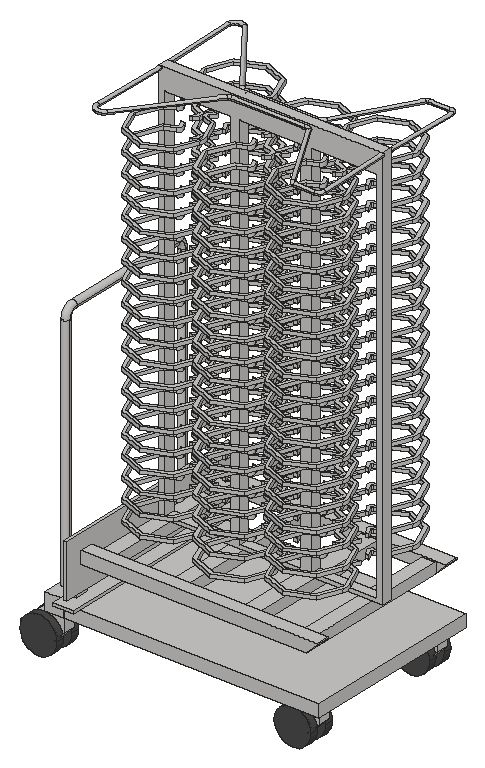
Revit family "QF_ELECTROLUXPROFESSIONAL_922764_TRBA116PL2021C", category Attrezzature speciali, Revit 2020 (continued)
Definition of nested family "Ruota_Oven"
  Automatic sketch dimensions
    Extrusion 2 sketch curve to plane 3 "Centro (Sinistra/Destra)" = 25.518 mm
    Extrusion 2 sketch curve to Extrusion 2 sketch curve = 64.198 mm
    Extrusion 2 sketch curve to Extrusion 2 sketch curve = 17.5 mm
    Extrusion 2 sketch curve to Extrusion 2 sketch curve = 31.384 mm
    Extrusion 2 sketch curve to Extrusion 2 sketch curve = 38.238 mm
    Extrusion 3 sketch curve to plane 3 "Centro (Sinistra/Destra)" = 42.505 mm
    Extrusion 5 sketch curve to plane 5 = 0 mm
    plane 1 "Centro (Fronte/Retro)" to Extrusion 5 sketch curve = 0.547 mm
    Extrusion 5 sketch curve to plane 4 = 0 mm
    Extrusion 5 sketch curve to plane 6 = 13.444 mm
    plane 7 to Extrusion 5 sketch curve = 12.352 mm
    Extrusion 5 sketch curve to plane 3 "Centro (Sinistra/Destra)" = 108.096 mm
    Extrusion 5 sketch curve to Extrusion 5 sketch curve = 12.77 mm
    Extrusion 5 sketch curve to Extrusion 5 sketch curve = 20.812 mm
    radius of Extrusion 3 sketch curve = 62.5 mm
